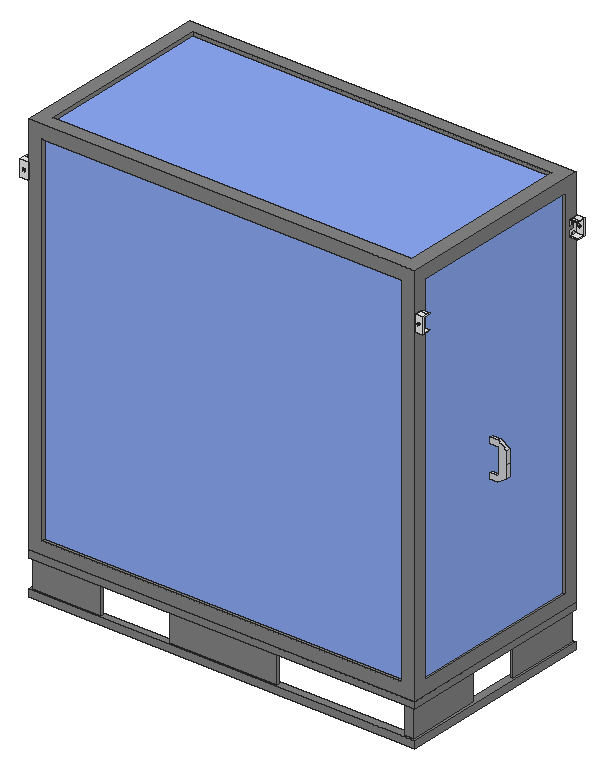
Revit family "13. Секция фильтра ANR F1-9", category Оборудование, Revit 2016 (continued)
Definition of nested family "УГО фильтр №25 (разрез)"
  Reference planes
    plane 5: x = 250
    plane 6: x = -250
    plane 7: z = 1000
  Lines and regions (mm)
    model lines
      curve 1: line (-250, 0, 0) -> (250, 0, 0)
      curve 2: line (-250, 0, 2000) -> (-250, 0, 0)
      curve 3: line (250, 0, 2000) -> (-250, 0, 2000)
      curve 4: line (250, 0, 0) -> (250, 0, 2000)
      curve 5: line (53.964, 0, 874.61) -> (53.964, 0, 858.219)
      curve 6: line (53.964, 0, 858.219) -> (-98.681, 0, 805.659)
      curve 7: line (-98.681, 0, 805.659) -> (-98.681, 0, 774.267)
      curve 8: line (53.964, 0, 721.707) -> (-98.681, 0, 774.267)
      curve 9: line (53.964, 0, 721.707) -> (53.964, 0, 705.315)
      curve 10: line (53.964, 0, 705.315) -> (-98.681, 0, 652.755)
      curve 11: line (-98.681, 0, 652.755) -> (-98.681, 0, 621.363)
      curve 12: line (53.964, 0, 568.804) -> (-98.681, 0, 621.363)
      curve 13: line (53.964, 0, 568.804) -> (53.964, 0, 552.412)
      curve 14: line (53.964, 0, 552.412) -> (-98.681, 0, 499.852)
      curve 15: line (-98.681, 0, 499.852) -> (-98.681, 0, 468.46)
      curve 16: line (53.964, 0, 415.9) -> (-98.681, 0, 468.46)
      curve 17: line (53.964, 0, 415.9) -> (53.964, 0, 399.508)
      curve 18: line (53.964, 0, 399.508) -> (-98.681, 0, 346.948)
      curve 19: line (-98.681, 0, 346.948) -> (-98.681, 0, 315.557)
      curve 20: line (53.964, 0, 262.997) -> (-98.681, 0, 315.557)
      curve 37: line (53.964, 0, 1027.514) -> (53.964, 0, 1011.122)
      curve 38: line (53.964, 0, 1011.122) -> (-98.681, 0, 958.562)
      curve 39: line (-98.681, 0, 958.562) -> (-98.681, 0, 927.17)
      curve 40: line (53.964, 0, 874.61) -> (-98.681, 0, 927.17)
      curve 41: line (53.964, 0, 1180.417) -> (53.964, 0, 1164.025)
      curve 42: line (53.964, 0, 1164.025) -> (-98.681, 0, 1111.465)
      curve 43: line (-98.681, 0, 1111.465) -> (-98.681, 0, 1080.074)
      curve 44: line (53.964, 0, 1027.514) -> (-98.681, 0, 1080.074)
      curve 45: line (53.964, 0, 1333.321) -> (53.964, 0, 1316.929)
      curve 46: line (53.964, 0, 1316.929) -> (-98.681, 0, 1264.369)
      curve 47: line (-98.681, 0, 1264.369) -> (-98.681, 0, 1232.977)
      curve 48: line (53.964, 0, 1180.417) -> (-98.681, 0, 1232.977)
      curve 61: line (53.964, 0, 1486.224) -> (53.964, 0, 1469.832)
      curve 62: line (53.964, 0, 1469.832) -> (-98.681, 0, 1417.272)
      curve 63: line (-98.681, 0, 1417.272) -> (-98.681, 0, 1385.88)
      curve 64: line (53.964, 0, 1333.321) -> (-98.681, 0, 1385.88)
      curve 65: line (53.964, 0, 1639.127) -> (53.964, 0, 1622.736)
      curve 66: line (53.964, 0, 1622.736) -> (-98.681, 0, 1570.176)
      curve 67: line (-98.681, 0, 1570.176) -> (-98.681, 0, 1538.784)
      curve 68: line (53.964, 0, 1486.224) -> (-98.681, 0, 1538.784)
      curve 69: line (53.964, 0, 1792.031) -> (53.964, 0, 1775.639)
      curve 70: line (53.964, 0, 1775.639) -> (-98.681, 0, 1723.079)
      curve 71: line (-98.681, 0, 1723.079) -> (-98.681, 0, 1691.687)
      curve 72: line (53.964, 0, 1639.127) -> (-98.681, 0, 1691.687)
    model lines, not visible
      curve 21: line (63.964, 0, 624.61) -> (63.964, 0, 608.219)
      curve 22: line (63.964, 0, 608.219) -> (-88.681, 0, 555.659)
      curve 23: line (-88.681, 0, 555.659) -> (-88.681, 0, 524.267)
      curve 24: line (63.964, 0, 471.707) -> (-88.681, 0, 524.267)
      curve 25: line (63.964, 0, 471.707) -> (63.964, 0, 455.315)
      curve 26: line (63.964, 0, 455.315) -> (-88.681, 0, 402.755)
      curve 27: line (-88.681, 0, 402.755) -> (-88.681, 0, 371.363)
      curve 28: line (63.964, 0, 318.804) -> (-88.681, 0, 371.363)
      curve 29: line (63.964, 0, 318.804) -> (63.964, 0, 302.412)
      curve 30: line (63.964, 0, 302.412) -> (-88.681, 0, 249.852)
      curve 31: line (-88.681, 0, 249.852) -> (-88.681, 0, 218.46)
      curve 32: line (63.964, 0, 165.9) -> (-88.681, 0, 218.46)
      curve 33: line (63.964, 0, 165.9) -> (63.964, 0, 149.508)
      curve 34: line (63.964, 0, 149.508) -> (-88.681, 0, 96.948)
      curve 35: line (-88.681, 0, 96.948) -> (-88.681, 0, 65.557)
      curve 36: line (63.964, 0, 12.997) -> (-88.681, 0, 65.557)
      curve 49: line (63.964, 0, 777.514) -> (63.964, 0, 761.122)
      curve 50: line (63.964, 0, 761.122) -> (-88.681, 0, 708.562)
      curve 51: line (-88.681, 0, 708.562) -> (-88.681, 0, 677.17)
      curve 52: line (63.964, 0, 624.61) -> (-88.681, 0, 677.17)
      curve 53: line (63.964, 0, 930.417) -> (63.964, 0, 914.025)
      curve 54: line (63.964, 0, 914.025) -> (-88.681, 0, 861.465)
      curve 55: line (-88.681, 0, 861.465) -> (-88.681, 0, 830.074)
      curve 56: line (63.964, 0, 777.514) -> (-88.681, 0, 830.074)
      curve 57: line (63.964, 0, 1083.321) -> (63.964, 0, 1066.929)
      curve 58: line (63.964, 0, 1066.929) -> (-88.681, 0, 1014.369)
      curve 59: line (-88.681, 0, 1014.369) -> (-88.681, 0, 982.977)
      curve 60: line (63.964, 0, 930.417) -> (-88.681, 0, 982.977)
      curve 73: line (63.964, 0, 1236.224) -> (63.964, 0, 1219.832)
      curve 74: line (63.964, 0, 1219.832) -> (-88.681, 0, 1167.272)
      curve 75: line (-88.681, 0, 1167.272) -> (-88.681, 0, 1135.88)
      curve 76: line (63.964, 0, 1083.321) -> (-88.681, 0, 1135.88)
      curve 77: line (63.964, 0, 1389.127) -> (63.964, 0, 1372.736)
      curve 78: line (63.964, 0, 1372.736) -> (-88.681, 0, 1320.176)
      curve 79: line (-88.681, 0, 1320.176) -> (-88.681, 0, 1288.784)
      curve 80: line (63.964, 0, 1236.224) -> (-88.681, 0, 1288.784)
      curve 81: line (63.964, 0, 1542.031) -> (63.964, 0, 1525.639)
      curve 82: line (63.964, 0, 1525.639) -> (-88.681, 0, 1473.079)
      curve 83: line (-88.681, 0, 1473.079) -> (-88.681, 0, 1441.687)
      curve 84: line (63.964, 0, 1389.127) -> (-88.681, 0, 1441.687)
  Dimensions and locks
    equal spacing: plane 5, plane 3 "По центру (Влево/Вправо)", plane 6
    "длина": plane 5 to plane 6
    "высота": plane 4 to level
    equal spacing: plane 4, plane 7, plane 2
    aligned and locked: level to plane 2
  Automatic sketch dimensions
    curve 3 to plane 4 = 0 mm
    curve 3 to plane 6 = 0 mm
    curve 1 to level = 0 mm
    curve 1 to plane 5 = 0 mm
    curve 71 to curve 6 = 0 mm
    curve 71 to curve 68 = 0 mm
    curve 7 to curve 10 = 0 mm
    curve 67 to curve 64 = 0 mm
    curve 11 to curve 14 = 0 mm
    curve 63 to curve 48 = 0 mm
    curve 15 to curve 18 = 0 mm
    curve 47 to curve 44 = 0 mm
    curve 43 to curve 38 = 0 mm
    curve 47 to curve 41 = 152.645 mm
    curve 41 to curve 38 = 0 mm
    curve 45 to curve 41 = 0 mm
    curve 18 to curve 18 = 152.645 mm
    curve 61 to curve 45 = 0 mm
    curve 14 to curve 16 = 0 mm
    curve 65 to curve 61 = 0 mm
    curve 10 to curve 12 = 0 mm
    curve 69 to curve 65 = 0 mm
    curve 6 to curve 8 = 0 mm
    curve 19 to curve 18 = 31.392 mm
    curve 18 to curve 17 = 52.56 mm
    curve 17 to curve 16 = 16.392 mm
    curve 18 to curve 16 = 121.512 mm
    curve 15 to curve 14 = 31.392 mm
    curve 16 to curve 14 = 136.512 mm
    curve 13 to curve 12 = 16.392 mm
    curve 14 to curve 12 = 121.512 mm
    curve 11 to curve 11 = 31.392 mm
    curve 12 to curve 10 = 136.512 mm
    curve 9 to curve 8 = 16.392 mm
    curve 10 to curve 7 = 121.512 mm
    curve 7 to curve 6 = 31.392 mm
    curve 8 to curve 5 = 136.512 mm
    curve 5 to curve 5 = 16.392 mm
    curve 6 to curve 40 = 121.512 mm
    curve 39 to curve 39 = 31.392 mm
    curve 5 to curve 37 = 136.512 mm
    curve 37 to curve 44 = 16.392 mm
    curve 38 to curve 44 = 121.512 mm
    curve 43 to curve 43 = 31.392 mm
    curve 37 to curve 41 = 136.512 mm
    curve 41 to curve 41 = 16.392 mm
    curve 42 to curve 47 = 121.512 mm
    curve 47 to curve 47 = 31.392 mm
    curve 41 to curve 46 = 136.512 mm
    curve 45 to curve 45 = 16.392 mm
    curve 46 to curve 63 = 121.512 mm
    curve 63 to curve 62 = 31.392 mm
    curve 45 to curve 61 = 136.512 mm
    curve 61 to curve 68 = 16.392 mm
    curve 62 to curve 67 = 121.512 mm
    curve 67 to curve 67 = 31.392 mm
    curve 61 to curve 66 = 136.512 mm
    curve 65 to curve 65 = 16.392 mm
    curve 66 to curve 71 = 121.512 mm
    curve 71 to curve 71 = 31.392 mm
    curve 65 to curve 70 = 136.512 mm
    curve 17 to curve 20 = 0 mm
    curve 20 to curve 17 = 136.512 mm
    curve 69 to curve 69 = 16.392 mm
    curve 83 to curve 22 = 0 mm
    curve 83 to curve 80 = 0 mm
    curve 23 to curve 26 = 0 mm
    curve 79 to curve 76 = 0 mm
    curve 27 to curve 30 = 0 mm
    curve 75 to curve 60 = 0 mm
    curve 31 to curve 34 = 0 mm
    curve 59 to curve 56 = 0 mm
    curve 55 to curve 50 = 0 mm
    curve 59 to curve 53 = 152.645 mm
    curve 53 to curve 50 = 0 mm
    curve 57 to curve 53 = 0 mm
    curve 34 to curve 34 = 152.645 mm
    curve 73 to curve 57 = 0 mm
    curve 30 to curve 32 = 0 mm
    curve 77 to curve 73 = 0 mm
    curve 26 to curve 28 = 0 mm
    curve 81 to curve 77 = 0 mm
    curve 22 to curve 24 = 0 mm
    curve 35 to curve 34 = 31.392 mm
    curve 34 to curve 33 = 52.56 mm
    curve 33 to curve 32 = 16.392 mm
    curve 34 to curve 32 = 121.512 mm
    curve 31 to curve 30 = 31.392 mm
    curve 32 to curve 30 = 136.512 mm
    curve 29 to curve 28 = 16.392 mm
    curve 30 to curve 28 = 121.512 mm
    curve 27 to curve 27 = 31.392 mm
    curve 28 to curve 26 = 136.512 mm
    curve 25 to curve 24 = 16.392 mm
    curve 26 to curve 23 = 121.512 mm
    curve 23 to curve 22 = 31.392 mm
    curve 24 to curve 21 = 136.512 mm
    curve 21 to curve 21 = 16.392 mm
    curve 22 to curve 52 = 121.512 mm
    curve 51 to curve 51 = 31.392 mm
    curve 21 to curve 49 = 136.512 mm
    curve 49 to curve 56 = 16.392 mm
    curve 50 to curve 56 = 121.512 mm
    curve 55 to curve 55 = 31.392 mm
    curve 49 to curve 53 = 136.512 mm
    curve 53 to curve 53 = 16.392 mm
    curve 54 to curve 59 = 121.512 mm
    curve 59 to curve 59 = 31.392 mm
    curve 53 to curve 58 = 136.512 mm
    curve 57 to curve 57 = 16.392 mm
    curve 58 to curve 75 = 121.512 mm
    curve 75 to curve 74 = 31.392 mm
    curve 57 to curve 73 = 136.512 mm
    curve 73 to curve 80 = 16.392 mm
    curve 74 to curve 79 = 121.512 mm
    curve 79 to curve 79 = 31.392 mm
    curve 73 to curve 78 = 136.512 mm
    curve 77 to curve 77 = 16.392 mm
    curve 78 to curve 83 = 121.512 mm
    curve 83 to curve 83 = 31.392 mm
    curve 77 to curve 82 = 136.512 mm
    curve 33 to curve 36 = 0 mm
    curve 36 to curve 33 = 136.512 mm
    curve 81 to curve 81 = 16.392 mm
Definition of nested family "УГО фильтр №30 (разрез)"
  Parameters (values of type "УГО фильтр №30 (разрез)")
    длина [instance] = 500 mm
    высота [instance] = 2200 mm
    Ширина [instance] = 410 mm
    Частота вращения n, об/мин = ""
    Тип, марка, обозначение = ""
    Сила тока J, А = ""
    Раздел = ""
    Примечание = ""
    Позиция = ""
    Default Elevation = 1219.2 mm
    Напряжение U,В = ""
    Наименование и тех.хар-ка = ""
    Мощность двигателя N,Вт = ""
    Материал = none
    Масса единицы = ""
    Код, оборудования = ""
    Keynote = ""
    Завод изготовитель = ""
    Единица измерения = ""
    Диаметр = 110 mm
  Reference planes
    plane 1 "По центру (Вперед/Назад)": y = 0
    plane 2: z = 0
    plane 3 "По центру (Влево/Вправо)": x = 0
    plane 4: z = 2200
    plane 5: x = 250
    plane 6: x = -250
    plane 7: z = 1100
  Lines and regions (mm)
    model lines
      curve 1: line (-250, 0, 0) -> (250, 0, 0)
      curve 2: line (-250, 0, 2200) -> (-250, 0, 0)
      curve 3: line (250, 0, 2200) -> (-250, 0, 2200)
      curve 4: line (250, 0, 0) -> (250, 0, 2200)
      curve 5: line (53.964, 0, 884.61) -> (53.964, 0, 868.219)
      curve 6: line (53.964, 0, 868.219) -> (-98.681, 0, 815.659)
      curve 7: line (-98.681, 0, 815.659) -> (-98.681, 0, 784.267)
      curve 8: line (53.964, 0, 731.707) -> (-98.681, 0, 784.267)
      curve 9: line (53.964, 0, 731.707) -> (53.964, 0, 715.315)
      curve 10: line (53.964, 0, 715.315) -> (-98.681, 0, 662.755)
      curve 11: line (-98.681, 0, 662.755) -> (-98.681, 0, 631.363)
      curve 12: line (53.964, 0, 578.804) -> (-98.681, 0, 631.363)
      curve 13: line (53.964, 0, 578.804) -> (53.964, 0, 562.412)
      curve 14: line (53.964, 0, 562.412) -> (-98.681, 0, 509.852)
      curve 15: line (-98.681, 0, 509.852) -> (-98.681, 0, 478.46)
      curve 16: line (53.964, 0, 425.9) -> (-98.681, 0, 478.46)
      curve 17: line (53.964, 0, 425.9) -> (53.964, 0, 409.508)
      curve 18: line (53.964, 0, 409.508) -> (-98.681, 0, 356.948)
      curve 19: line (-98.681, 0, 356.948) -> (-98.681, 0, 325.557)
      curve 20: line (53.964, 0, 272.997) -> (-98.681, 0, 325.557)
      curve 37: line (53.964, 0, 1037.514) -> (53.964, 0, 1021.122)
      curve 38: line (53.964, 0, 1021.122) -> (-98.681, 0, 968.562)
      curve 39: line (-98.681, 0, 968.562) -> (-98.681, 0, 937.17)
      curve 40: line (53.964, 0, 884.61) -> (-98.681, 0, 937.17)
      curve 41: line (53.964, 0, 1190.417) -> (53.964, 0, 1174.025)
      curve 42: line (53.964, 0, 1174.025) -> (-98.681, 0, 1121.465)
      curve 43: line (-98.681, 0, 1121.465) -> (-98.681, 0, 1090.074)
      curve 44: line (53.964, 0, 1037.514) -> (-98.681, 0, 1090.074)
      curve 45: line (53.964, 0, 1343.321) -> (53.964, 0, 1326.929)
      curve 46: line (53.964, 0, 1326.929) -> (-98.681, 0, 1274.369)
      curve 47: line (-98.681, 0, 1274.369) -> (-98.681, 0, 1242.977)
      curve 48: line (53.964, 0, 1190.417) -> (-98.681, 0, 1242.977)
      curve 61: line (53.964, 0, 1496.224) -> (53.964, 0, 1479.832)
      curve 62: line (53.964, 0, 1479.832) -> (-98.681, 0, 1427.272)
      curve 63: line (-98.681, 0, 1427.272) -> (-98.681, 0, 1395.88)
      curve 64: line (53.964, 0, 1343.321) -> (-98.681, 0, 1395.88)
      curve 65: line (53.964, 0, 1649.127) -> (53.964, 0, 1632.736)
      curve 66: line (53.964, 0, 1632.736) -> (-98.681, 0, 1580.176)
      curve 67: line (-98.681, 0, 1580.176) -> (-98.681, 0, 1548.784)
      curve 68: line (53.964, 0, 1496.224) -> (-98.681, 0, 1548.784)
      curve 69: line (53.964, 0, 1802.031) -> (53.964, 0, 1785.639)
      curve 70: line (53.964, 0, 1785.639) -> (-98.681, 0, 1733.079)
      curve 71: line (-98.681, 0, 1733.079) -> (-98.681, 0, 1701.687)
      curve 72: line (53.964, 0, 1649.127) -> (-98.681, 0, 1701.687)
    model lines, not visible
      curve 21: line (63.964, 0, 624.61) -> (63.964, 0, 608.219)
      curve 22: line (63.964, 0, 608.219) -> (-88.681, 0, 555.659)
      curve 23: line (-88.681, 0, 555.659) -> (-88.681, 0, 524.267)
      curve 24: line (63.964, 0, 471.707) -> (-88.681, 0, 524.267)
      curve 25: line (63.964, 0, 471.707) -> (63.964, 0, 455.315)
      curve 26: line (63.964, 0, 455.315) -> (-88.681, 0, 402.755)
      curve 27: line (-88.681, 0, 402.755) -> (-88.681, 0, 371.363)
      curve 28: line (63.964, 0, 318.804) -> (-88.681, 0, 371.363)
      curve 29: line (63.964, 0, 318.804) -> (63.964, 0, 302.412)
      curve 30: line (63.964, 0, 302.412) -> (-88.681, 0, 249.852)
      curve 31: line (-88.681, 0, 249.852) -> (-88.681, 0, 218.46)
      curve 32: line (63.964, 0, 165.9) -> (-88.681, 0, 218.46)
      curve 33: line (63.964, 0, 165.9) -> (63.964, 0, 149.508)
      curve 34: line (63.964, 0, 149.508) -> (-88.681, 0, 96.948)
      curve 35: line (-88.681, 0, 96.948) -> (-88.681, 0, 65.557)
      curve 36: line (63.964, 0, 12.997) -> (-88.681, 0, 65.557)
      curve 49: line (63.964, 0, 777.514) -> (63.964, 0, 761.122)
      curve 50: line (63.964, 0, 761.122) -> (-88.681, 0, 708.562)
      curve 51: line (-88.681, 0, 708.562) -> (-88.681, 0, 677.17)
      curve 52: line (63.964, 0, 624.61) -> (-88.681, 0, 677.17)
      curve 53: line (63.964, 0, 930.417) -> (63.964, 0, 914.025)
      curve 54: line (63.964, 0, 914.025) -> (-88.681, 0, 861.465)
      curve 55: line (-88.681, 0, 861.465) -> (-88.681, 0, 830.074)
      curve 56: line (63.964, 0, 777.514) -> (-88.681, 0, 830.074)
      curve 57: line (63.964, 0, 1083.321) -> (63.964, 0, 1066.929)
      curve 58: line (63.964, 0, 1066.929) -> (-88.681, 0, 1014.369)
      curve 59: line (-88.681, 0, 1014.369) -> (-88.681, 0, 982.977)
      curve 60: line (63.964, 0, 930.417) -> (-88.681, 0, 982.977)
      curve 73: line (63.964, 0, 1236.224) -> (63.964, 0, 1219.832)
      curve 74: line (63.964, 0, 1219.832) -> (-88.681, 0, 1167.272)
      curve 75: line (-88.681, 0, 1167.272) -> (-88.681, 0, 1135.88)
      curve 76: line (63.964, 0, 1083.321) -> (-88.681, 0, 1135.88)
      curve 77: line (63.964, 0, 1389.127) -> (63.964, 0, 1372.736)
      curve 78: line (63.964, 0, 1372.736) -> (-88.681, 0, 1320.176)
      curve 79: line (-88.681, 0, 1320.176) -> (-88.681, 0, 1288.784)
      curve 80: line (63.964, 0, 1236.224) -> (-88.681, 0, 1288.784)
      curve 81: line (63.964, 0, 1542.031) -> (63.964, 0, 1525.639)
      curve 82: line (63.964, 0, 1525.639) -> (-88.681, 0, 1473.079)
      curve 83: line (-88.681, 0, 1473.079) -> (-88.681, 0, 1441.687)
      curve 84: line (63.964, 0, 1389.127) -> (-88.681, 0, 1441.687)
  Dimensions and locks
    equal spacing: plane 5, plane 3 "По центру (Влево/Вправо)", plane 6
    "длина": plane 5 to plane 6
    "высота": plane 4 to level
    equal spacing: plane 4, plane 7, plane 2
    aligned and locked: level to plane 2
  Automatic sketch dimensions
    curve 3 to plane 4 = 0 mm
    curve 3 to plane 6 = 0 mm
    curve 1 to level = 0 mm
    curve 1 to plane 5 = 0 mm
    curve 71 to curve 6 = 0 mm
    curve 71 to curve 68 = 0 mm
    curve 7 to curve 10 = 0 mm
    curve 67 to curve 64 = 0 mm
    curve 11 to curve 14 = 0 mm
    curve 63 to curve 48 = 0 mm
    curve 15 to curve 18 = 0 mm
    curve 47 to curve 44 = 0 mm
    curve 43 to curve 38 = 0 mm
    curve 47 to curve 41 = 152.645 mm
    curve 41 to curve 38 = 0 mm
    curve 45 to curve 41 = 0 mm
    curve 18 to curve 18 = 152.645 mm
    curve 61 to curve 45 = 0 mm
    curve 14 to curve 16 = 0 mm
    curve 65 to curve 61 = 0 mm
    curve 10 to curve 12 = 0 mm
    curve 69 to curve 65 = 0 mm
    curve 6 to curve 8 = 0 mm
    curve 19 to curve 18 = 31.392 mm
    curve 18 to curve 17 = 52.56 mm
    curve 17 to curve 16 = 16.392 mm
    curve 18 to curve 16 = 121.512 mm
    curve 15 to curve 14 = 31.392 mm
    curve 16 to curve 14 = 136.512 mm
    curve 13 to curve 12 = 16.392 mm
    curve 14 to curve 12 = 121.512 mm
    curve 11 to curve 11 = 31.392 mm
    curve 12 to curve 10 = 136.512 mm
    curve 9 to curve 8 = 16.392 mm
    curve 10 to curve 7 = 121.512 mm
    curve 7 to curve 6 = 31.392 mm
    curve 8 to curve 5 = 136.512 mm
    curve 5 to curve 5 = 16.392 mm
    curve 6 to curve 40 = 121.512 mm
    curve 39 to curve 39 = 31.392 mm
    curve 5 to curve 37 = 136.512 mm
    curve 37 to curve 44 = 16.392 mm
    curve 38 to curve 44 = 121.512 mm
    curve 43 to curve 43 = 31.392 mm
    curve 37 to curve 41 = 136.512 mm
    curve 41 to curve 41 = 16.392 mm
    curve 42 to curve 47 = 121.512 mm
    curve 47 to curve 47 = 31.392 mm
    curve 41 to curve 46 = 136.512 mm
    curve 45 to curve 45 = 16.392 mm
    curve 46 to curve 63 = 121.512 mm
    curve 63 to curve 62 = 31.392 mm
    curve 45 to curve 61 = 136.512 mm
    curve 61 to curve 68 = 16.392 mm
    curve 62 to curve 67 = 121.512 mm
    curve 67 to curve 67 = 31.392 mm
    curve 61 to curve 66 = 136.512 mm
    curve 65 to curve 65 = 16.392 mm
    curve 66 to curve 71 = 121.512 mm
    curve 71 to curve 71 = 31.392 mm
    curve 65 to curve 70 = 136.512 mm
    curve 17 to curve 20 = 0 mm
    curve 20 to curve 17 = 136.512 mm
    curve 69 to curve 69 = 16.392 mm
    curve 83 to curve 22 = 0 mm
    curve 83 to curve 80 = 0 mm
    curve 23 to curve 26 = 0 mm
    curve 79 to curve 76 = 0 mm
    curve 27 to curve 30 = 0 mm
    curve 75 to curve 60 = 0 mm
    curve 31 to curve 34 = 0 mm
    curve 59 to curve 56 = 0 mm
    curve 55 to curve 50 = 0 mm
    curve 59 to curve 53 = 152.645 mm
    curve 53 to curve 50 = 0 mm
    curve 57 to curve 53 = 0 mm
    curve 34 to curve 34 = 152.645 mm
    curve 73 to curve 57 = 0 mm
    curve 30 to curve 32 = 0 mm
    curve 77 to curve 73 = 0 mm
    curve 26 to curve 28 = 0 mm
    curve 81 to curve 77 = 0 mm
    curve 22 to curve 24 = 0 mm
    curve 35 to curve 34 = 31.392 mm
    curve 34 to curve 33 = 52.56 mm
    curve 33 to curve 32 = 16.392 mm
    curve 34 to curve 32 = 121.512 mm
    curve 31 to curve 30 = 31.392 mm
    curve 32 to curve 30 = 136.512 mm
    curve 29 to curve 28 = 16.392 mm
    curve 30 to curve 28 = 121.512 mm
    curve 27 to curve 27 = 31.392 mm
    curve 28 to curve 26 = 136.512 mm
    curve 25 to curve 24 = 16.392 mm
    curve 26 to curve 23 = 121.512 mm
    curve 23 to curve 22 = 31.392 mm
    curve 24 to curve 21 = 136.512 mm
    curve 21 to curve 21 = 16.392 mm
    curve 22 to curve 52 = 121.512 mm
    curve 51 to curve 51 = 31.392 mm
    curve 21 to curve 49 = 136.512 mm
    curve 49 to curve 56 = 16.392 mm
    curve 50 to curve 56 = 121.512 mm
    curve 55 to curve 55 = 31.392 mm
    curve 49 to curve 53 = 136.512 mm
    curve 53 to curve 53 = 16.392 mm
    curve 54 to curve 59 = 121.512 mm
    curve 59 to curve 59 = 31.392 mm
    curve 53 to curve 58 = 136.512 mm
    curve 57 to curve 57 = 16.392 mm
    curve 58 to curve 75 = 121.512 mm
    curve 75 to curve 74 = 31.392 mm
    curve 57 to curve 73 = 136.512 mm
    curve 73 to curve 80 = 16.392 mm
    curve 74 to curve 79 = 121.512 mm
    curve 79 to curve 79 = 31.392 mm
    curve 73 to curve 78 = 136.512 mm
    curve 77 to curve 77 = 16.392 mm
    curve 78 to curve 83 = 121.512 mm
    curve 83 to curve 83 = 31.392 mm
    curve 77 to curve 82 = 136.512 mm
    curve 33 to curve 36 = 0 mm
    curve 36 to curve 33 = 136.512 mm
    curve 81 to curve 81 = 16.392 mm
Definition of nested family "УГО фильтр №35 (разрез)"
  Parameters (values of type "УГО фильтр №35 (разрез)")
    длина [instance] = 500 mm
    высота [instance] = 2350 mm
    Ширина [instance] = 410 mm
    Частота вращения n, об/мин = ""
    Тип, марка, обозначение = ""
    Сила тока J, А = ""
    Раздел = ""
    Примечание = ""
    Позиция = ""
    Default Elevation = 1219.2 mm
    Напряжение U,В = ""
    Наименование и тех.хар-ка = ""
    Мощность двигателя N,Вт = ""
    Материал = none
    Масса единицы = ""
    Код, оборудования = ""
    Keynote = ""
    Завод изготовитель = ""
    Единица измерения = ""
    Диаметр = 110 mm
  Reference planes
    plane 1 "По центру (Вперед/Назад)": y = 0
    plane 2: z = 0
    plane 3 "По центру (Влево/Вправо)": x = 0
    plane 4: z = 2350
    plane 5: x = 250
    plane 6: x = -250
    plane 7: z = 1175
  Lines and regions (mm)
    model lines
      curve 1: line (-250, 0, 0) -> (250, 0, 0)
      curve 2: line (-250, 0, 2350) -> (-250, 0, 0)
      curve 3: line (250, 0, 2350) -> (-250, 0, 2350)
      curve 4: line (250, 0, 0) -> (250, 0, 2350)
      curve 5: line (53.964, 0, 804.61) -> (53.964, 0, 788.219)
      curve 6: line (53.964, 0, 788.219) -> (-98.681, 0, 735.659)
      curve 7: line (-98.681, 0, 735.659) -> (-98.681, 0, 704.267)
      curve 8: line (53.964, 0, 651.707) -> (-98.681, 0, 704.267)
      curve 9: line (53.964, 0, 651.707) -> (53.964, 0, 635.315)
      curve 10: line (53.964, 0, 635.315) -> (-98.681, 0, 582.755)
      curve 11: line (-98.681, 0, 582.755) -> (-98.681, 0, 551.363)
      curve 12: line (53.964, 0, 498.804) -> (-98.681, 0, 551.363)
      curve 13: line (53.964, 0, 498.804) -> (53.964, 0, 482.412)
      curve 14: line (53.964, 0, 482.412) -> (-98.681, 0, 429.852)
      curve 15: line (-98.681, 0, 429.852) -> (-98.681, 0, 398.46)
      curve 16: line (53.964, 0, 345.9) -> (-98.681, 0, 398.46)
      curve 17: line (53.964, 0, 345.9) -> (53.964, 0, 329.508)
      curve 18: line (53.964, 0, 329.508) -> (-98.681, 0, 276.948)
      curve 19: line (-98.681, 0, 276.948) -> (-98.681, 0, 245.557)
      curve 20: line (53.964, 0, 192.997) -> (-98.681, 0, 245.557)
      curve 37: line (53.964, 0, 957.514) -> (53.964, 0, 941.122)
      curve 38: line (53.964, 0, 941.122) -> (-98.681, 0, 888.562)
      curve 39: line (-98.681, 0, 888.562) -> (-98.681, 0, 857.17)
      curve 40: line (53.964, 0, 804.61) -> (-98.681, 0, 857.17)
      curve 41: line (53.964, 0, 1110.417) -> (53.964, 0, 1094.025)
      curve 42: line (53.964, 0, 1094.025) -> (-98.681, 0, 1041.465)
      curve 43: line (-98.681, 0, 1041.465) -> (-98.681, 0, 1010.074)
      curve 44: line (53.964, 0, 957.514) -> (-98.681, 0, 1010.074)
      curve 45: line (53.964, 0, 1263.321) -> (53.964, 0, 1246.929)
      curve 46: line (53.964, 0, 1246.929) -> (-98.681, 0, 1194.369)
      curve 47: line (-98.681, 0, 1194.369) -> (-98.681, 0, 1162.977)
      curve 48: line (53.964, 0, 1110.417) -> (-98.681, 0, 1162.977)
      curve 61: line (53.964, 0, 1416.224) -> (53.964, 0, 1399.832)
      curve 62: line (53.964, 0, 1399.832) -> (-98.681, 0, 1347.272)
      curve 63: line (-98.681, 0, 1347.272) -> (-98.681, 0, 1315.88)
      curve 64: line (53.964, 0, 1263.321) -> (-98.681, 0, 1315.88)
      curve 65: line (53.964, 0, 1569.127) -> (53.964, 0, 1552.736)
      curve 66: line (53.964, 0, 1552.736) -> (-98.681, 0, 1500.176)
      curve 67: line (-98.681, 0, 1500.176) -> (-98.681, 0, 1468.784)
      curve 68: line (53.964, 0, 1416.224) -> (-98.681, 0, 1468.784)
      curve 69: line (53.964, 0, 1722.031) -> (53.964, 0, 1705.639)
      curve 70: line (53.964, 0, 1705.639) -> (-98.681, 0, 1653.079)
      curve 71: line (-98.681, 0, 1653.079) -> (-98.681, 0, 1621.687)
      curve 72: line (53.964, 0, 1569.127) -> (-98.681, 0, 1621.687)
      curve 85: line (53.964, 0, 1874.934) -> (53.964, 0, 1858.542)
      curve 86: line (53.964, 0, 1858.542) -> (-98.681, 0, 1805.982)
      curve 87: line (-98.681, 0, 1805.982) -> (-98.681, 0, 1774.591)
      curve 88: line (53.964, 0, 1722.031) -> (-98.681, 0, 1774.591)
      curve 89: line (53.964, 0, 2027.838) -> (53.964, 0, 2011.446)
      curve 90: line (53.964, 0, 2011.446) -> (-98.681, 0, 1958.886)
      curve 91: line (-98.681, 0, 1958.886) -> (-98.681, 0, 1927.494)
      curve 92: line (53.964, 0, 1874.934) -> (-98.681, 0, 1927.494)
      curve 93: line (53.964, 0, 2180.741) -> (53.964, 0, 2164.349)
      curve 94: line (53.964, 0, 2164.349) -> (-98.681, 0, 2111.789)
      curve 95: line (-98.681, 0, 2111.789) -> (-98.681, 0, 2080.397)
      curve 96: line (53.964, 0, 2027.838) -> (-98.681, 0, 2080.397)
    model lines, not visible
      curve 21: line (63.964, 0, 624.61) -> (63.964, 0, 608.219)
      curve 22: line (63.964, 0, 608.219) -> (-88.681, 0, 555.659)
      curve 23: line (-88.681, 0, 555.659) -> (-88.681, 0, 524.267)
      curve 24: line (63.964, 0, 471.707) -> (-88.681, 0, 524.267)
      curve 25: line (63.964, 0, 471.707) -> (63.964, 0, 455.315)
      curve 26: line (63.964, 0, 455.315) -> (-88.681, 0, 402.755)
      curve 27: line (-88.681, 0, 402.755) -> (-88.681, 0, 371.363)
      curve 28: line (63.964, 0, 318.804) -> (-88.681, 0, 371.363)
      curve 29: line (63.964, 0, 318.804) -> (63.964, 0, 302.412)
      curve 30: line (63.964, 0, 302.412) -> (-88.681, 0, 249.852)
      curve 31: line (-88.681, 0, 249.852) -> (-88.681, 0, 218.46)
      curve 32: line (63.964, 0, 165.9) -> (-88.681, 0, 218.46)
      curve 33: line (63.964, 0, 165.9) -> (63.964, 0, 149.508)
      curve 34: line (63.964, 0, 149.508) -> (-88.681, 0, 96.948)
      curve 35: line (-88.681, 0, 96.948) -> (-88.681, 0, 65.557)
      curve 36: line (63.964, 0, 12.997) -> (-88.681, 0, 65.557)
      curve 49: line (63.964, 0, 777.514) -> (63.964, 0, 761.122)
      curve 50: line (63.964, 0, 761.122) -> (-88.681, 0, 708.562)
      curve 51: line (-88.681, 0, 708.562) -> (-88.681, 0, 677.17)
      curve 52: line (63.964, 0, 624.61) -> (-88.681, 0, 677.17)
      curve 53: line (63.964, 0, 930.417) -> (63.964, 0, 914.025)
      curve 54: line (63.964, 0, 914.025) -> (-88.681, 0, 861.465)
      curve 55: line (-88.681, 0, 861.465) -> (-88.681, 0, 830.074)
      curve 56: line (63.964, 0, 777.514) -> (-88.681, 0, 830.074)
      curve 57: line (63.964, 0, 1083.321) -> (63.964, 0, 1066.929)
      curve 58: line (63.964, 0, 1066.929) -> (-88.681, 0, 1014.369)
      curve 59: line (-88.681, 0, 1014.369) -> (-88.681, 0, 982.977)
      curve 60: line (63.964, 0, 930.417) -> (-88.681, 0, 982.977)
      curve 73: line (63.964, 0, 1236.224) -> (63.964, 0, 1219.832)
      curve 74: line (63.964, 0, 1219.832) -> (-88.681, 0, 1167.272)
      curve 75: line (-88.681, 0, 1167.272) -> (-88.681, 0, 1135.88)
      curve 76: line (63.964, 0, 1083.321) -> (-88.681, 0, 1135.88)
      curve 77: line (63.964, 0, 1389.127) -> (63.964, 0, 1372.736)
      curve 78: line (63.964, 0, 1372.736) -> (-88.681, 0, 1320.176)
      curve 79: line (-88.681, 0, 1320.176) -> (-88.681, 0, 1288.784)
      curve 80: line (63.964, 0, 1236.224) -> (-88.681, 0, 1288.784)
      curve 81: line (63.964, 0, 1542.031) -> (63.964, 0, 1525.639)
      curve 82: line (63.964, 0, 1525.639) -> (-88.681, 0, 1473.079)
      curve 83: line (-88.681, 0, 1473.079) -> (-88.681, 0, 1441.687)
      curve 84: line (63.964, 0, 1389.127) -> (-88.681, 0, 1441.687)
      curve 97: line (63.964, 0, 1694.934) -> (63.964, 0, 1678.542)
      curve 98: line (63.964, 0, 1678.542) -> (-88.681, 0, 1625.982)
      curve 99: line (-88.681, 0, 1625.982) -> (-88.681, 0, 1594.591)
      curve 100: line (63.964, 0, 1542.031) -> (-88.681, 0, 1594.591)
      curve 101: line (63.964, 0, 1847.838) -> (63.964, 0, 1831.446)
      curve 102: line (63.964, 0, 1831.446) -> (-88.681, 0, 1778.886)
      curve 103: line (-88.681, 0, 1778.886) -> (-88.681, 0, 1747.494)
      curve 104: line (63.964, 0, 1694.934) -> (-88.681, 0, 1747.494)
      curve 105: line (63.964, 0, 2000.741) -> (63.964, 0, 1984.349)
      curve 106: line (63.964, 0, 1984.349) -> (-88.681, 0, 1931.789)
      curve 107: line (-88.681, 0, 1931.789) -> (-88.681, 0, 1900.397)
      curve 108: line (63.964, 0, 1847.838) -> (-88.681, 0, 1900.397)
  Dimensions and locks
    equal spacing: plane 5, plane 3 "По центру (Влево/Вправо)", plane 6
    "длина": plane 5 to plane 6
    "высота": plane 4 to level
    equal spacing: plane 4, plane 7, plane 2
    aligned and locked: level to plane 2
  Automatic sketch dimensions
    curve 3 to plane 4 = 0 mm
    curve 3 to plane 6 = 0 mm
    curve 1 to level = 0 mm
    curve 1 to plane 5 = 0 mm
    curve 95 to curve 46 = 0 mm
    curve 47 to curve 6 = 0 mm
    curve 95 to curve 92 = 0 mm
    curve 7 to curve 10 = 0 mm
    curve 91 to curve 88 = 0 mm
    curve 11 to curve 14 = 0 mm
    curve 87 to curve 72 = 0 mm
    curve 15 to curve 18 = 0 mm
    curve 71 to curve 68 = 0 mm
    curve 38 to curve 6 = 0 mm
    curve 64 to curve 46 = 0 mm
    curve 47 to curve 42 = 0 mm
    curve 46 to curve 46 = 152.645 mm
    curve 45 to curve 48 = 0 mm
    curve 61 to curve 45 = 0 mm
    curve 41 to curve 44 = 0 mm
    curve 65 to curve 61 = 0 mm
    curve 37 to curve 40 = 0 mm
    curve 69 to curve 65 = 0 mm
    curve 18 to curve 18 = 152.645 mm
    curve 85 to curve 69 = 0 mm
    curve 14 to curve 16 = 0 mm
    curve 89 to curve 85 = 0 mm
    curve 10 to curve 12 = 0 mm
    curve 93 to curve 89 = 0 mm
    curve 19 to curve 18 = 31.392 mm
    curve 18 to curve 18 = 52.56 mm
    curve 17 to curve 17 = 16.392 mm
    curve 18 to curve 16 = 121.512 mm
    curve 15 to curve 14 = 31.392 mm
    curve 16 to curve 14 = 136.512 mm
    curve 13 to curve 12 = 16.392 mm
    curve 14 to curve 12 = 121.512 mm
    curve 11 to curve 11 = 31.392 mm
    curve 12 to curve 10 = 136.512 mm
    curve 9 to curve 8 = 16.392 mm
    curve 10 to curve 7 = 121.512 mm
    curve 7 to curve 6 = 31.392 mm
    curve 8 to curve 5 = 136.512 mm
    curve 5 to curve 5 = 16.392 mm
    curve 6 to curve 39 = 121.512 mm
    curve 39 to curve 39 = 31.392 mm
    curve 5 to curve 38 = 136.512 mm
    curve 37 to curve 37 = 16.392 mm
    curve 38 to curve 43 = 121.512 mm
    curve 43 to curve 43 = 31.392 mm
    curve 37 to curve 42 = 136.512 mm
    curve 41 to curve 48 = 16.392 mm
    curve 42 to curve 47 = 121.512 mm
    curve 47 to curve 46 = 31.392 mm
    curve 41 to curve 45 = 136.512 mm
    curve 45 to curve 45 = 16.392 mm
    curve 46 to curve 64 = 121.512 mm
    curve 63 to curve 63 = 31.392 mm
    curve 45 to curve 61 = 136.512 mm
    curve 61 to curve 68 = 16.392 mm
    curve 62 to curve 68 = 121.512 mm
    curve 67 to curve 67 = 31.392 mm
    curve 61 to curve 65 = 136.512 mm
    curve 65 to curve 65 = 16.392 mm
    curve 66 to curve 71 = 121.512 mm
    curve 71 to curve 71 = 31.392 mm
    curve 65 to curve 70 = 136.512 mm
    curve 69 to curve 69 = 16.392 mm
    curve 70 to curve 87 = 121.512 mm
    curve 87 to curve 86 = 31.392 mm
    curve 69 to curve 85 = 136.512 mm
    curve 85 to curve 92 = 16.392 mm
    curve 86 to curve 91 = 121.512 mm
    curve 91 to curve 91 = 31.392 mm
    curve 85 to curve 90 = 136.512 mm
    curve 89 to curve 89 = 16.392 mm
    curve 90 to curve 95 = 121.512 mm
    curve 95 to curve 95 = 31.392 mm
    curve 89 to curve 94 = 136.512 mm
    curve 17 to curve 20 = 0 mm
    curve 20 to curve 17 = 136.512 mm
    curve 93 to curve 93 = 16.392 mm
    curve 107 to curve 58 = 0 mm
    curve 59 to curve 22 = 0 mm
    curve 107 to curve 104 = 0 mm
    curve 23 to curve 26 = 0 mm
    curve 103 to curve 100 = 0 mm
    curve 27 to curve 30 = 0 mm
    curve 99 to curve 84 = 0 mm
    curve 31 to curve 34 = 0 mm
    curve 83 to curve 80 = 0 mm
    curve 50 to curve 22 = 0 mm
    curve 76 to curve 58 = 0 mm
    curve 59 to curve 54 = 0 mm
    curve 58 to curve 58 = 152.645 mm
    curve 57 to curve 60 = 0 mm
    curve 73 to curve 57 = 0 mm
    curve 53 to curve 56 = 0 mm
    curve 77 to curve 73 = 0 mm
    curve 49 to curve 52 = 0 mm
    curve 81 to curve 77 = 0 mm
    curve 34 to curve 34 = 152.645 mm
    curve 97 to curve 81 = 0 mm
    curve 30 to curve 32 = 0 mm
    curve 101 to curve 97 = 0 mm
    curve 26 to curve 28 = 0 mm
    curve 105 to curve 101 = 0 mm
    curve 35 to curve 34 = 31.392 mm
    curve 34 to curve 34 = 52.56 mm
    curve 33 to curve 33 = 16.392 mm
    curve 34 to curve 32 = 121.512 mm
    curve 31 to curve 30 = 31.392 mm
    curve 32 to curve 30 = 136.512 mm
    curve 29 to curve 28 = 16.392 mm
    curve 30 to curve 28 = 121.512 mm
    curve 27 to curve 27 = 31.392 mm
    curve 28 to curve 26 = 136.512 mm
    curve 25 to curve 24 = 16.392 mm
    curve 26 to curve 23 = 121.512 mm
    curve 23 to curve 22 = 31.392 mm
    curve 24 to curve 21 = 136.512 mm
    curve 21 to curve 21 = 16.392 mm
    curve 22 to curve 51 = 121.512 mm
    curve 51 to curve 51 = 31.392 mm
    curve 21 to curve 50 = 136.512 mm
    curve 49 to curve 49 = 16.392 mm
    curve 50 to curve 55 = 121.512 mm
    curve 55 to curve 55 = 31.392 mm
    curve 49 to curve 54 = 136.512 mm
    curve 53 to curve 60 = 16.392 mm
    curve 54 to curve 59 = 121.512 mm
    curve 59 to curve 58 = 31.392 mm
    curve 53 to curve 57 = 136.512 mm
    curve 57 to curve 57 = 16.392 mm
    curve 58 to curve 76 = 121.512 mm
    curve 75 to curve 75 = 31.392 mm
    curve 57 to curve 73 = 136.512 mm
    curve 73 to curve 80 = 16.392 mm
    curve 74 to curve 80 = 121.512 mm
    curve 79 to curve 79 = 31.392 mm
    curve 73 to curve 77 = 136.512 mm
    curve 77 to curve 77 = 16.392 mm
    curve 78 to curve 83 = 121.512 mm
    curve 83 to curve 83 = 31.392 mm
    curve 77 to curve 82 = 136.512 mm
    curve 81 to curve 81 = 16.392 mm
    curve 82 to curve 99 = 121.512 mm
    curve 99 to curve 98 = 31.392 mm
    curve 81 to curve 97 = 136.512 mm
    curve 97 to curve 104 = 16.392 mm
    curve 98 to curve 103 = 121.512 mm
    curve 103 to curve 103 = 31.392 mm
    curve 97 to curve 102 = 136.512 mm
    curve 101 to curve 101 = 16.392 mm
    curve 102 to curve 107 = 121.512 mm
    curve 107 to curve 107 = 31.392 mm
    curve 101 to curve 106 = 136.512 mm
    curve 33 to curve 36 = 0 mm
    curve 36 to curve 33 = 136.512 mm
    curve 105 to curve 105 = 16.392 mm
Definition of nested family "УГО фильтр №40 (разрез)"
  Parameters (values of type "УГО фильтр №40 (разрез)")
    длина [instance] = 500 mm
    высота [instance] = 3200 mm
    Ширина [instance] = 410 mm
    Частота вращения n, об/мин = ""
    Тип, марка, обозначение = ""
    Сила тока J, А = ""
    Раздел = ""
    Примечание = ""
    Позиция = ""
    Default Elevation = 1219.2 mm
    Напряжение U,В = ""
    Наименование и тех.хар-ка = ""
    Мощность двигателя N,Вт = ""
    Материал = none
    Масса единицы = ""
    Код, оборудования = ""
    Keynote = ""
    Завод изготовитель = ""
    Единица измерения = ""
    Диаметр = 110 mm
  Reference planes
    plane 1 "По центру (Вперед/Назад)": y = 0
    plane 2: z = 0
    plane 3 "По центру (Влево/Вправо)": x = 0
    plane 4: z = 3200
    plane 5: x = 250
    plane 6: x = -250
    plane 7: z = 1600
  Lines and regions (mm)
    model lines
      curve 1: line (-250, 0, 0) -> (250, 0, 0)
      curve 2: line (-250, 0, 3200) -> (-250, 0, 0)
      curve 3: line (250, 0, 3200) -> (-250, 0, 3200)
      curve 4: line (250, 0, 0) -> (250, 0, 3200)
      curve 5: line (53.964, 0, 804.61) -> (53.964, 0, 788.219)
      curve 6: line (53.964, 0, 788.219) -> (-98.681, 0, 735.659)
      curve 7: line (-98.681, 0, 735.659) -> (-98.681, 0, 704.267)
      curve 8: line (53.964, 0, 651.707) -> (-98.681, 0, 704.267)
      curve 9: line (53.964, 0, 651.707) -> (53.964, 0, 635.315)
      curve 10: line (53.964, 0, 635.315) -> (-98.681, 0, 582.755)
      curve 11: line (-98.681, 0, 582.755) -> (-98.681, 0, 551.363)
      curve 12: line (53.964, 0, 498.804) -> (-98.681, 0, 551.363)
      curve 13: line (53.964, 0, 498.804) -> (53.964, 0, 482.412)
      curve 14: line (53.964, 0, 482.412) -> (-98.681, 0, 429.852)
      curve 15: line (-98.681, 0, 429.852) -> (-98.681, 0, 398.46)
      curve 16: line (53.964, 0, 345.9) -> (-98.681, 0, 398.46)
      curve 17: line (53.964, 0, 345.9) -> (53.964, 0, 329.508)
      curve 18: line (53.964, 0, 329.508) -> (-98.681, 0, 276.948)
      curve 19: line (-98.681, 0, 276.948) -> (-98.681, 0, 245.557)
      curve 20: line (53.964, 0, 192.997) -> (-98.681, 0, 245.557)
      curve 37: line (53.964, 0, 957.514) -> (53.964, 0, 941.122)
      curve 38: line (53.964, 0, 941.122) -> (-98.681, 0, 888.562)
      curve 39: line (-98.681, 0, 888.562) -> (-98.681, 0, 857.17)
      curve 40: line (53.964, 0, 804.61) -> (-98.681, 0, 857.17)
      curve 41: line (53.964, 0, 1110.417) -> (53.964, 0, 1094.025)
      curve 42: line (53.964, 0, 1094.025) -> (-98.681, 0, 1041.465)
      curve 43: line (-98.681, 0, 1041.465) -> (-98.681, 0, 1010.074)
      curve 44: line (53.964, 0, 957.514) -> (-98.681, 0, 1010.074)
      curve 45: line (53.964, 0, 1263.321) -> (53.964, 0, 1246.929)
      curve 46: line (53.964, 0, 1246.929) -> (-98.681, 0, 1194.369)
      curve 47: line (-98.681, 0, 1194.369) -> (-98.681, 0, 1162.977)
      curve 48: line (53.964, 0, 1110.417) -> (-98.681, 0, 1162.977)
      curve 61: line (53.964, 0, 1416.224) -> (53.964, 0, 1399.832)
      curve 62: line (53.964, 0, 1399.832) -> (-98.681, 0, 1347.272)
      curve 63: line (-98.681, 0, 1347.272) -> (-98.681, 0, 1315.88)
      curve 64: line (53.964, 0, 1263.321) -> (-98.681, 0, 1315.88)
      curve 65: line (53.964, 0, 1569.127) -> (53.964, 0, 1552.736)
      curve 66: line (53.964, 0, 1552.736) -> (-98.681, 0, 1500.176)
      curve 67: line (-98.681, 0, 1500.176) -> (-98.681, 0, 1468.784)
      curve 68: line (53.964, 0, 1416.224) -> (-98.681, 0, 1468.784)
      curve 69: line (53.964, 0, 1722.031) -> (53.964, 0, 1705.639)
      curve 70: line (53.964, 0, 1705.639) -> (-98.681, 0, 1653.079)
      curve 71: line (-98.681, 0, 1653.079) -> (-98.681, 0, 1621.687)
      curve 72: line (53.964, 0, 1569.127) -> (-98.681, 0, 1621.687)
      curve 85: line (53.964, 0, 1874.934) -> (53.964, 0, 1858.542)
      curve 86: line (53.964, 0, 1858.542) -> (-98.681, 0, 1805.982)
      curve 87: line (-98.681, 0, 1805.982) -> (-98.681, 0, 1774.591)
      curve 88: line (53.964, 0, 1722.031) -> (-98.681, 0, 1774.591)
      curve 89: line (53.964, 0, 2027.838) -> (53.964, 0, 2011.446)
      curve 90: line (53.964, 0, 2011.446) -> (-98.681, 0, 1958.886)
      curve 91: line (-98.681, 0, 1958.886) -> (-98.681, 0, 1927.494)
      curve 92: line (53.964, 0, 1874.934) -> (-98.681, 0, 1927.494)
      curve 93: line (53.964, 0, 2180.741) -> (53.964, 0, 2164.349)
      curve 94: line (53.964, 0, 2164.349) -> (-98.681, 0, 2111.789)
      curve 95: line (-98.681, 0, 2111.789) -> (-98.681, 0, 2080.397)
      curve 96: line (53.964, 0, 2027.838) -> (-98.681, 0, 2080.397)
      curve 109: line (53.964, 0, 2333.644) -> (53.964, 0, 2317.253)
      curve 110: line (53.964, 0, 2317.253) -> (-98.681, 0, 2264.693)
      curve 111: line (-98.681, 0, 2264.693) -> (-98.681, 0, 2233.301)
      curve 112: line (53.964, 0, 2180.741) -> (-98.681, 0, 2233.301)
      curve 113: line (53.964, 0, 2486.548) -> (53.964, 0, 2470.156)
      curve 114: line (53.964, 0, 2470.156) -> (-98.681, 0, 2417.596)
      curve 115: line (-98.681, 0, 2417.596) -> (-98.681, 0, 2386.204)
      curve 116: line (53.964, 0, 2333.644) -> (-98.681, 0, 2386.204)
      curve 117: line (53.964, 0, 2639.451) -> (53.964, 0, 2623.059)
      curve 118: line (53.964, 0, 2623.059) -> (-98.681, 0, 2570.499)
      curve 119: line (-98.681, 0, 2570.499) -> (-98.681, 0, 2539.108)
      curve 120: line (53.964, 0, 2486.548) -> (-98.681, 0, 2539.108)
      curve 121: line (53.964, 0, 2792.355) -> (53.964, 0, 2775.963)
      curve 122: line (53.964, 0, 2775.963) -> (-98.681, 0, 2723.403)
      curve 123: line (-98.681, 0, 2723.403) -> (-98.681, 0, 2692.011)
      curve 124: line (53.964, 0, 2639.451) -> (-98.681, 0, 2692.011)
      curve 125: line (53.964, 0, 2945.258) -> (53.964, 0, 2928.866)
      curve 126: line (53.964, 0, 2928.866) -> (-98.681, 0, 2876.306)
      curve 127: line (-98.681, 0, 2876.306) -> (-98.681, 0, 2844.914)
      curve 128: line (53.964, 0, 2792.355) -> (-98.681, 0, 2844.914)
      curve 129: line (53.964, 0, 3098.161) -> (53.964, 0, 3081.77)
      curve 130: line (53.964, 0, 3081.77) -> (-98.681, 0, 3029.21)
      curve 131: line (-98.681, 0, 3029.21) -> (-98.681, 0, 2997.818)
      curve 132: line (53.964, 0, 2945.258) -> (-98.681, 0, 2997.818)
    model lines, not visible
      curve 21: line (63.964, 0, 624.61) -> (63.964, 0, 608.219)
      curve 22: line (63.964, 0, 608.219) -> (-88.681, 0, 555.659)
      curve 23: line (-88.681, 0, 555.659) -> (-88.681, 0, 524.267)
      curve 24: line (63.964, 0, 471.707) -> (-88.681, 0, 524.267)
      curve 25: line (63.964, 0, 471.707) -> (63.964, 0, 455.315)
      curve 26: line (63.964, 0, 455.315) -> (-88.681, 0, 402.755)
      curve 27: line (-88.681, 0, 402.755) -> (-88.681, 0, 371.363)
      curve 28: line (63.964, 0, 318.804) -> (-88.681, 0, 371.363)
      curve 29: line (63.964, 0, 318.804) -> (63.964, 0, 302.412)
      curve 30: line (63.964, 0, 302.412) -> (-88.681, 0, 249.852)
      curve 31: line (-88.681, 0, 249.852) -> (-88.681, 0, 218.46)
      curve 32: line (63.964, 0, 165.9) -> (-88.681, 0, 218.46)
      curve 33: line (63.964, 0, 165.9) -> (63.964, 0, 149.508)
      curve 34: line (63.964, 0, 149.508) -> (-88.681, 0, 96.948)
      curve 35: line (-88.681, 0, 96.948) -> (-88.681, 0, 65.557)
      curve 36: line (63.964, 0, 12.997) -> (-88.681, 0, 65.557)
      curve 49: line (63.964, 0, 777.514) -> (63.964, 0, 761.122)
      curve 50: line (63.964, 0, 761.122) -> (-88.681, 0, 708.562)
      curve 51: line (-88.681, 0, 708.562) -> (-88.681, 0, 677.17)
      curve 52: line (63.964, 0, 624.61) -> (-88.681, 0, 677.17)
      curve 53: line (63.964, 0, 930.417) -> (63.964, 0, 914.025)
      curve 54: line (63.964, 0, 914.025) -> (-88.681, 0, 861.465)
      curve 55: line (-88.681, 0, 861.465) -> (-88.681, 0, 830.074)
      curve 56: line (63.964, 0, 777.514) -> (-88.681, 0, 830.074)
      curve 57: line (63.964, 0, 1083.321) -> (63.964, 0, 1066.929)
      curve 58: line (63.964, 0, 1066.929) -> (-88.681, 0, 1014.369)
      curve 59: line (-88.681, 0, 1014.369) -> (-88.681, 0, 982.977)
      curve 60: line (63.964, 0, 930.417) -> (-88.681, 0, 982.977)
      curve 73: line (63.964, 0, 1236.224) -> (63.964, 0, 1219.832)
      curve 74: line (63.964, 0, 1219.832) -> (-88.681, 0, 1167.272)
      curve 75: line (-88.681, 0, 1167.272) -> (-88.681, 0, 1135.88)
      curve 76: line (63.964, 0, 1083.321) -> (-88.681, 0, 1135.88)
      curve 77: line (63.964, 0, 1389.127) -> (63.964, 0, 1372.736)
      curve 78: line (63.964, 0, 1372.736) -> (-88.681, 0, 1320.176)
      curve 79: line (-88.681, 0, 1320.176) -> (-88.681, 0, 1288.784)
      curve 80: line (63.964, 0, 1236.224) -> (-88.681, 0, 1288.784)
      curve 81: line (63.964, 0, 1542.031) -> (63.964, 0, 1525.639)
      curve 82: line (63.964, 0, 1525.639) -> (-88.681, 0, 1473.079)
      curve 83: line (-88.681, 0, 1473.079) -> (-88.681, 0, 1441.687)
      curve 84: line (63.964, 0, 1389.127) -> (-88.681, 0, 1441.687)
      curve 97: line (63.964, 0, 1694.934) -> (63.964, 0, 1678.542)
      curve 98: line (63.964, 0, 1678.542) -> (-88.681, 0, 1625.982)
      curve 99: line (-88.681, 0, 1625.982) -> (-88.681, 0, 1594.591)
      curve 100: line (63.964, 0, 1542.031) -> (-88.681, 0, 1594.591)
      curve 101: line (63.964, 0, 1847.838) -> (63.964, 0, 1831.446)
      curve 102: line (63.964, 0, 1831.446) -> (-88.681, 0, 1778.886)
      curve 103: line (-88.681, 0, 1778.886) -> (-88.681, 0, 1747.494)
      curve 104: line (63.964, 0, 1694.934) -> (-88.681, 0, 1747.494)
      curve 105: line (63.964, 0, 2000.741) -> (63.964, 0, 1984.349)
      curve 106: line (63.964, 0, 1984.349) -> (-88.681, 0, 1931.789)
      curve 107: line (-88.681, 0, 1931.789) -> (-88.681, 0, 1900.397)
      curve 108: line (63.964, 0, 1847.838) -> (-88.681, 0, 1900.397)
      curve 133: line (63.964, 0, 2153.644) -> (63.964, 0, 2137.253)
      curve 134: line (63.964, 0, 2137.253) -> (-88.681, 0, 2084.693)
      curve 135: line (-88.681, 0, 2084.693) -> (-88.681, 0, 2053.301)
      curve 136: line (63.964, 0, 2000.741) -> (-88.681, 0, 2053.301)
      curve 137: line (63.964, 0, 2306.548) -> (63.964, 0, 2290.156)
      curve 138: line (63.964, 0, 2290.156) -> (-88.681, 0, 2237.596)
      curve 139: line (-88.681, 0, 2237.596) -> (-88.681, 0, 2206.204)
      curve 140: line (63.964, 0, 2153.644) -> (-88.681, 0, 2206.204)
      curve 141: line (63.964, 0, 2459.451) -> (63.964, 0, 2443.059)
      curve 142: line (63.964, 0, 2443.059) -> (-88.681, 0, 2390.499)
      curve 143: line (-88.681, 0, 2390.499) -> (-88.681, 0, 2359.108)
      curve 144: line (63.964, 0, 2306.548) -> (-88.681, 0, 2359.108)
      curve 145: line (63.964, 0, 2612.355) -> (63.964, 0, 2595.963)
      curve 146: line (63.964, 0, 2595.963) -> (-88.681, 0, 2543.403)
      curve 147: line (-88.681, 0, 2543.403) -> (-88.681, 0, 2512.011)
      curve 148: line (63.964, 0, 2459.451) -> (-88.681, 0, 2512.011)
      curve 149: line (63.964, 0, 2765.258) -> (63.964, 0, 2748.866)
      curve 150: line (63.964, 0, 2748.866) -> (-88.681, 0, 2696.306)
      curve 151: line (-88.681, 0, 2696.306) -> (-88.681, 0, 2664.914)
      curve 152: line (63.964, 0, 2612.355) -> (-88.681, 0, 2664.914)
      curve 153: line (63.964, 0, 2918.161) -> (63.964, 0, 2901.77)
      curve 154: line (63.964, 0, 2901.77) -> (-88.681, 0, 2849.21)
      curve 155: line (-88.681, 0, 2849.21) -> (-88.681, 0, 2817.818)
      curve 156: line (63.964, 0, 2765.258) -> (-88.681, 0, 2817.818)
  Dimensions and locks
    equal spacing: plane 5, plane 3 "По центру (Влево/Вправо)", plane 6
    "длина": plane 5 to plane 6
    "высота": plane 4 to level
    equal spacing: plane 4, plane 7, plane 2
    aligned and locked: level to plane 2
  Automatic sketch dimensions
    curve 3 to plane 4 = 0 mm
    curve 3 to plane 6 = 0 mm
    curve 1 to level = 0 mm
    curve 1 to plane 5 = 0 mm
    curve 131 to curve 70 = 0 mm
    curve 71 to curve 6 = 0 mm
    curve 131 to curve 128 = 0 mm
    curve 7 to curve 10 = 0 mm
    curve 127 to curve 124 = 0 mm
    curve 11 to curve 14 = 0 mm
    curve 123 to curve 120 = 0 mm
    curve 15 to curve 18 = 0 mm
    curve 119 to curve 116 = 0 mm
    curve 38 to curve 6 = 0 mm
    curve 115 to curve 112 = 0 mm
    curve 42 to curve 38 = 0 mm
    curve 111 to curve 96 = 0 mm
    curve 46 to curve 42 = 0 mm
    curve 95 to curve 92 = 0 mm
    curve 62 to curve 46 = 0 mm
    curve 88 to curve 70 = 0 mm
    curve 71 to curve 66 = 0 mm
    curve 70 to curve 70 = 152.645 mm
    curve 69 to curve 72 = 0 mm
    curve 85 to curve 69 = 0 mm
    curve 65 to curve 68 = 0 mm
    curve 89 to curve 85 = 0 mm
    curve 61 to curve 64 = 0 mm
    curve 93 to curve 89 = 0 mm
    curve 45 to curve 48 = 0 mm
    curve 109 to curve 93 = 0 mm
    curve 41 to curve 44 = 0 mm
    curve 113 to curve 109 = 0 mm
    curve 37 to curve 40 = 0 mm
    curve 117 to curve 113 = 0 mm
    curve 18 to curve 18 = 152.645 mm
    curve 121 to curve 117 = 0 mm
    curve 14 to curve 16 = 0 mm
    curve 125 to curve 121 = 0 mm
    curve 10 to curve 12 = 0 mm
    curve 129 to curve 125 = 0 mm
    curve 19 to curve 18 = 31.392 mm
    curve 18 to curve 18 = 52.56 mm
    curve 17 to curve 16 = 16.392 mm
    curve 18 to curve 15 = 121.512 mm
    curve 15 to curve 14 = 31.392 mm
    curve 16 to curve 14 = 136.512 mm
    curve 13 to curve 12 = 16.392 mm
    curve 14 to curve 12 = 121.512 mm
    curve 11 to curve 10 = 31.392 mm
    curve 12 to curve 9 = 136.512 mm
    curve 9 to curve 8 = 16.392 mm
    curve 10 to curve 7 = 121.512 mm
    curve 7 to curve 6 = 31.392 mm
    curve 8 to curve 5 = 136.512 mm
    curve 5 to curve 5 = 16.392 mm
    curve 6 to curve 40 = 121.512 mm
    curve 39 to curve 39 = 31.392 mm
    curve 5 to curve 37 = 136.512 mm
    curve 37 to curve 37 = 16.392 mm
    curve 38 to curve 43 = 121.512 mm
    curve 43 to curve 43 = 31.392 mm
    curve 37 to curve 41 = 136.512 mm
    curve 41 to curve 48 = 16.392 mm
    curve 42 to curve 48 = 121.512 mm
    curve 47 to curve 47 = 31.392 mm
    curve 41 to curve 45 = 136.512 mm
    curve 45 to curve 64 = 16.392 mm
    curve 46 to curve 64 = 121.512 mm
    curve 63 to curve 63 = 31.392 mm
    curve 45 to curve 61 = 136.512 mm
    curve 61 to curve 68 = 16.392 mm
    curve 62 to curve 67 = 121.512 mm
    curve 67 to curve 66 = 31.392 mm
    curve 61 to curve 65 = 136.512 mm
    curve 65 to curve 72 = 16.392 mm
    curve 66 to curve 71 = 121.512 mm
    curve 71 to curve 70 = 31.392 mm
    curve 65 to curve 69 = 136.512 mm
    curve 69 to curve 69 = 16.392 mm
    curve 70 to curve 87 = 121.512 mm
    curve 87 to curve 87 = 31.392 mm
    curve 69 to curve 86 = 136.512 mm
    curve 85 to curve 85 = 16.392 mm
    curve 86 to curve 91 = 121.512 mm
    curve 91 to curve 91 = 31.392 mm
    curve 85 to curve 90 = 136.512 mm
    curve 89 to curve 96 = 16.392 mm
    curve 90 to curve 95 = 121.512 mm
    curve 95 to curve 95 = 31.392 mm
    curve 89 to curve 94 = 136.512 mm
    curve 93 to curve 112 = 16.392 mm
    curve 94 to curve 112 = 121.512 mm
    curve 111 to curve 111 = 31.392 mm
    curve 93 to curve 109 = 136.512 mm
    curve 109 to curve 109 = 16.392 mm
    curve 110 to curve 115 = 121.512 mm
    curve 115 to curve 115 = 31.392 mm
    curve 109 to curve 113 = 136.512 mm
    curve 113 to curve 120 = 16.392 mm
    curve 114 to curve 119 = 121.512 mm
    curve 119 to curve 118 = 31.392 mm
    curve 113 to curve 117 = 136.512 mm
    curve 117 to curve 124 = 16.392 mm
    curve 118 to curve 124 = 121.512 mm
    curve 123 to curve 123 = 31.392 mm
    curve 117 to curve 121 = 136.512 mm
    curve 121 to curve 128 = 16.392 mm
    curve 122 to curve 128 = 121.512 mm
    curve 127 to curve 127 = 31.392 mm
    curve 121 to curve 125 = 136.512 mm
    curve 125 to curve 132 = 16.392 mm
    curve 126 to curve 132 = 121.512 mm
    curve 131 to curve 131 = 31.392 mm
    curve 125 to curve 129 = 136.512 mm
    curve 17 to curve 20 = 0 mm
    curve 20 to curve 17 = 136.512 mm
    curve 129 to curve 129 = 16.392 mm
    curve 155 to curve 82 = 0 mm
    curve 83 to curve 22 = 0 mm
    curve 155 to curve 152 = 0 mm
    curve 23 to curve 26 = 0 mm
    curve 151 to curve 148 = 0 mm
    curve 27 to curve 30 = 0 mm
    curve 147 to curve 144 = 0 mm
    curve 31 to curve 34 = 0 mm
    curve 143 to curve 140 = 0 mm
    curve 50 to curve 22 = 0 mm
    curve 139 to curve 136 = 0 mm
    curve 54 to curve 50 = 0 mm
    curve 135 to curve 108 = 0 mm
    curve 58 to curve 54 = 0 mm
    curve 107 to curve 104 = 0 mm
    curve 74 to curve 58 = 0 mm
    curve 100 to curve 82 = 0 mm
    curve 83 to curve 78 = 0 mm
    curve 82 to curve 82 = 152.645 mm
    curve 81 to curve 84 = 0 mm
    curve 97 to curve 81 = 0 mm
    curve 77 to curve 80 = 0 mm
    curve 101 to curve 97 = 0 mm
    curve 73 to curve 76 = 0 mm
    curve 105 to curve 101 = 0 mm
    curve 57 to curve 60 = 0 mm
    curve 133 to curve 105 = 0 mm
    curve 53 to curve 56 = 0 mm
    curve 137 to curve 133 = 0 mm
    curve 49 to curve 52 = 0 mm
    curve 141 to curve 137 = 0 mm
    curve 34 to curve 34 = 152.645 mm
    curve 145 to curve 141 = 0 mm
    curve 30 to curve 32 = 0 mm
    curve 149 to curve 145 = 0 mm
    curve 26 to curve 28 = 0 mm
    curve 153 to curve 149 = 0 mm
    curve 35 to curve 34 = 31.392 mm
    curve 34 to curve 34 = 52.56 mm
    curve 33 to curve 32 = 16.392 mm
    curve 34 to curve 31 = 121.512 mm
    curve 31 to curve 30 = 31.392 mm
    curve 32 to curve 30 = 136.512 mm
    curve 29 to curve 28 = 16.392 mm
    curve 30 to curve 28 = 121.512 mm
    curve 27 to curve 26 = 31.392 mm
    curve 28 to curve 25 = 136.512 mm
    curve 25 to curve 24 = 16.392 mm
    curve 26 to curve 23 = 121.512 mm
    curve 23 to curve 22 = 31.392 mm
    curve 24 to curve 21 = 136.512 mm
    curve 21 to curve 21 = 16.392 mm
    curve 22 to curve 52 = 121.512 mm
    curve 51 to curve 51 = 31.392 mm
    curve 21 to curve 49 = 136.512 mm
    curve 49 to curve 49 = 16.392 mm
    curve 50 to curve 55 = 121.512 mm
    curve 55 to curve 55 = 31.392 mm
    curve 49 to curve 53 = 136.512 mm
    curve 53 to curve 60 = 16.392 mm
    curve 54 to curve 60 = 121.512 mm
    curve 59 to curve 59 = 31.392 mm
    curve 53 to curve 57 = 136.512 mm
    curve 57 to curve 76 = 16.392 mm
    curve 58 to curve 76 = 121.512 mm
    curve 75 to curve 75 = 31.392 mm
    curve 57 to curve 73 = 136.512 mm
    curve 73 to curve 80 = 16.392 mm
    curve 74 to curve 79 = 121.512 mm
    curve 79 to curve 78 = 31.392 mm
    curve 73 to curve 77 = 136.512 mm
    curve 77 to curve 84 = 16.392 mm
    curve 78 to curve 83 = 121.512 mm
    curve 83 to curve 82 = 31.392 mm
    curve 77 to curve 81 = 136.512 mm
    curve 81 to curve 81 = 16.392 mm
